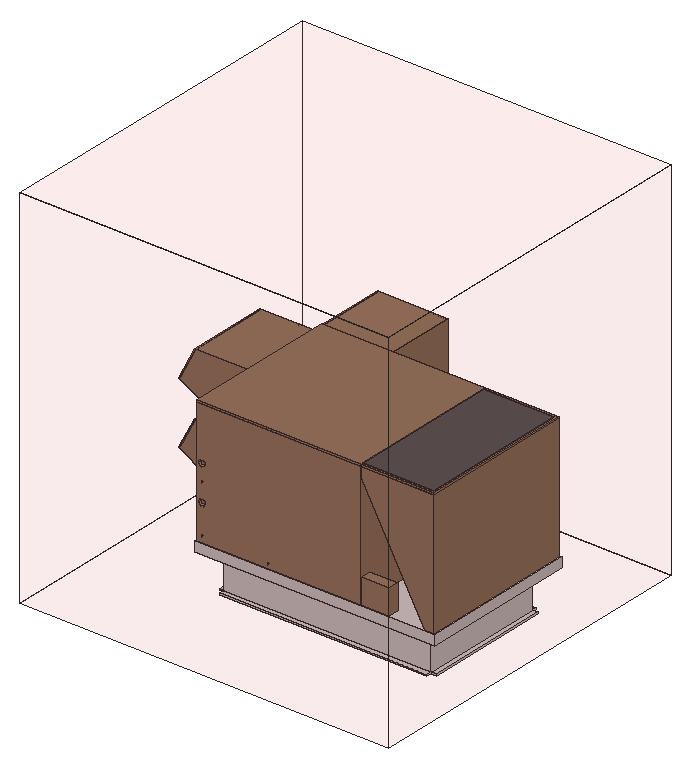
Revit family "Air_Conditioner_Packaged_Rooftop Z(F,H,J,R,S,U,W,K) 8.5-10T Z(J,W) 6.5-7.5T, X(P,A) 6.5-10T", category Mechanical Equipment, Revit 2018
Family settings
  Round Connector Dimension = Use Radius
  Part Type = Normal
  Work Plane-Based = No
  Always vertical = Yes
  Cut with Voids When Loaded = No
  Shared = No
  Room Calculation Point = No
Parameters (values of type "3-10 Ton - Gas Heat")
  Width = 59"
  Voltage = 0 V
  URL = "http://www.johnsoncontrols.com/publish/us/en.html"
  Top Economizer Hood [instance] = yes
  Supply Fan Full Load Current = 0 A
  Supply Air Connection Width [instance] = if(Roof Curb, 21", if(Height = 42", 27 1/2", 28 1/4"))  # 21"
  Supply Air Connection Height [instance] = if(Roof Curb, 24", 18 1/4")  # 24"
  Supply Air Connection Description = "Supply Air Connection"  # constant formula
  Slab Mount [instance] = not(Roof Curb)  # no
  Side Return Air Connection Offset [instance] = if(Height = 42", 12 1/16", 18 1/16")  # 18 1/16"
  Serial Number [instance] = ""
  Seasonal Energy Efficiency Rating = 80  # constant formula
  Roof Curb 8 Inch [instance] = no
  Roof Curb 14 Inch [instance] = yes
  Roof Curb [instance] = yes
  Return Air Wet Bulb Temperature [instance] = 62 °F
  Return Air Dry Bulb Temperature [instance] = 65 °F
  Return Air Connection Width [instance] = if(Roof Curb, 18", 18 1/4")  # 18"
  Return Air Connection Height [instance] = if(Roof Curb, 27 1/2", if(Height = 42", 27 3/4", 28 1/4"))  # 27 1/2"
  Return Air Connection Description = "Return Air Connection"  # constant formula
  Refrigerant Charge System Two = 0.00 lbf
  Refrigerant Charge System One = 0.00 lbf
  Product Page URL = "http://www.johnsoncontrols.com/publish/us/en/products/building_efficiency/integrated_hvac_systems/Industrial___Commercial_HVAC_Equipment/single-package_units/series_10.html"
  Product Documentation Link = ""
  Power Factor = 1  # constant formula
  Power Exhaust Full Load Current = 0 A
  Outside Air Intake Hood [instance] = yes
  Outdoor Ambient Temperature [instance] = 75 °F
  Operating Weight = 0.00 lbf
  OmniClass Title = "Packaged Air Conditioners"  # constant formula
  OmniClass Number = "23.75.10.24.21.27.11"  # constant formula
  OD Fan Motor Full Load Current = 0 A
  Number of Poles = 3
  Nominal Cooling Capacity = 0.0 ton
  Nominal Air Flow = 0 CFM
  Model = "JA3ZHA2"
  Minimum Circuit Current = 0 A
  Minimum Applied Voltage = 0 V
  Maximum Overcurrent Protection = 0 A
  Maximum Applied Voltage = 0 V
  Manufacturer = "Johnson Controls, Inc."  # constant formula
  Length = 89"
  Keynote = "15700"
  Integrated Part Load Value = 0
  Height = 50 1/2"
  Gas Heating Output [instance] = 0 Btu/h
  Gas Heating Input [instance] = 0 Btu/h
  Gas Connection Radius = if(1 = 1, Gas Connection Diameter / 2, 0")  # 3/8"
  Gas Connection Diameter = 3/4"
  Gas Connection Description = "Gas Supply Connection"  # constant formula
  Frequency = 60 Hz  # constant formula
  Frame Material = Metal - JCI - Steel - Galvanized With Wood Nailer
  Frame Finish = Paint - JCI - Powder Coated - Champagne
  Filter Size and Quantity = ""
  Family Revision Date = "06/11/2010"  # constant formula
  External Static Pressure [instance] = 0.00 in-wg
  Evaporator Coil Row Count = 3  # constant formula
  Evaporator Coil Fins per Inch = 15  # constant formula
  Energy Efficiency Rating = 0
  Electrical Connection Description = "Power Wiring Connection"  # constant formula
  Economizer Hood Length = 30 11/32"
  Economizer Hood Height = if(1 = 1, (Height - 4 1/4") / 2, 0")  # 23 1/8"
  Economizer Hood Depth = 26"
  Design Supply Air Flow [instance] = 0 CFM
  Description = "Air Handling Unit, Commercial Comfort Systems, Series 10, Gas, 3-10 Ton Unit"  # constant formula
  Copyright © = "Copyright © 2008 by Johnson Controls, Inc."  # constant formula
  Convenience Outlet Voltage [instance] = if(Convenience Outlet, 120 V, 0 V)  # 120 V
  Convenience Outlet Electrical Connection Description = "Convenience Power Wiring Connection"  # constant formula
  Convenience Outlet [instance] = yes
  Condensate Drain Connection Radius = if(1 = 1, Condensate Drain Connection Diameter / 2, 0")  # 3/8"
  Compressor Maximum Continuous Current = 0 A
  CTRL Supply Connection Offset [instance] = if(Roof Curb, CTRL Supply Air Center Elevation, 18 13/16" - 1/2")  # 17 5/32"
  Curb Width = 50 1/2"
  Curb Type [instance] = Commercial_Comfort_Systems-Series_10-Johnson_Control-Curb : Roof Curb
  Curb Material = Metal - JCI - Steel - Galvanized With Wood Nailer
  Curb Length = 80 5/8"
  Curb Height [instance] = 14"
  Convenience Outlet Full Load Current = 0 A
  Controls Connection Description = "Control Wiring Connection"  # constant formula
  Condenser Fan Type = "Propeller"  # constant formula
  Condenser Fan Quantity = 2  # constant formula
  Condenser Fan Diameter = 24"  # constant formula
  Condenser Coils System Two Rows = 0
  Condenser Coils System One Rows = 0
  Condenser Coil Fins per Inch = 20  # constant formula
  Condensate Drain Connection Diameter = 3/4"
  Condensate Drain Connection Description = "Condensate Drain Connection"  # constant formula
  Compressor Type = "Recip"  # constant formula
  Compressor Running Load Current = 0 A
  Compressor Quantity = 2  # constant formula
  Compressor Locked Rotor Current = 0 A
  Clearance Top = 72"
  Clearance Right = 12"
  Clearance Left = 36"
  Clearance Front = 36"
  Clearance Bottom [instance] = if(Roof Curb, Curb Height, 0")  # 14"
  Clearance Back = 36"
  Clearance [instance] = Include Clearance : Include Clearance
  CTRL Supply Connection Angle [instance] = if(Roof Curb, 90.00°, 0.00°)  # 90.00°
  CTRL Supply Air Center Elevation [instance] = 5 5/32" + (Supply Air Connection Height / 2)  # 17 5/32"
  CTRL Supply Air Center [instance] = if(Roof Curb, 32 11/16" + Supply Air Connection Width / 2, 31 11/16" + Supply Air Connection Width / 2)  # 43 3/16"
  CTRL Return Air Center Elevation [instance] = Side Return Air Connection Offset + (Return Air Connection Height / 2)  # 31 13/16"
  CTRL Elevation [instance] = if(Roof Curb, Curb Height, 0")  # 14"
  CTRL Return Air Center [instance] = if(Roof Curb, 6 13/16" + Return Air Connection Width / 2, 2 31/32" + Return Air Connection Width / 2)  # 15 13/16"
  CTRL Return Connection Offset [instance] = if(Roof Curb, CTRL Return Air Center Elevation, 20 9/16" - 1/2")  # 31 13/16"
  CTRL Connection Angle [instance] = if(Roof Curb, 90.00°, 0.00°)  # 90.00°
  CTRL Bottom Supply Center = 18 13/16"  # constant formula
  CTRL Bottom Return Center = 20 9/16"  # constant formula
  Bottom Economizer Hood [instance] = yes
  Assembly Code = "D3060300"
  Air Temperature On Condenser Coil [instance] = 0 °F
  Air On Evaporator Wet Bulb Temperature [instance] = 0 °F
  Air On Evaporator Flow [instance] = 0 CFM
  Actual Supply Air Flow [instance] = 0 CFM
  Actual Return Air Flow [instance] = 0 CFM
  Actual Heater Gas Flow [instance] = 0 GPM
  Actual Condensate Drain Flow [instance] = 0 GPM
Reference planes (in)
  plane 1 "Center (Front/Back)": y = 0
  plane 2 "Bottom": z = 0
  plane 3 "Center (Left/Right)": x = 0
  plane 4 "Back": y = 29.5
  plane 5 "Front": y = -29.5
  plane 6 "Left": x = -44.5
  plane 7 "Right": x = 44.5
  plane 8 "Top": z = 64.5
  plane 9 "Curb Top": z = 14
  plane 10 "Frame Front": y = -29
  plane 11 "Condenser Back": x = 16.6875
  plane 12 "Frame Left": x = -44
  plane 13 "Frame Back": y = 29
  plane 14 "Base Rail": z = 17.75
  plane 15 "Frame Top": z = 64
  plane 16 "Hood Back": y = 25.25
  plane 17 "Economizer Hood Center": z = 40.875
  plane 18 "Return Air Center": x = -28.6875
  plane 19 "Supply Air Center": x = -1.3125
  plane 20 "Bottom Supply Air Center": y = 10.6875
  plane 21 "Bottom Return Center": y = 8.9375
  plane 22 "Supply Air Center Elevation": z = 31.15625
  plane 23 "Return Air Center Elevation": z = 45.8125
Forms (in)
  Revolve 1, void, detail levels fine
    sketch origin (-28.6875, 0, 0) x (0, -1, 0) y (0, 0, 1)
      loop
        line (-8.9375, 14) -> (-8.6875, 14) -> (-8.6875, 14.25) -> (-8.9375, 14.25) -> (-8.9375, 14)
      axis (-8.9375, 14.25) -> (-8.9375, 14)
    angle from 0 to 360
  Revolve 2, void, detail levels fine
    sketch origin (-1.3125, 0, 0) x (0, -1, 0) y (0, 0, 1)
      loop
        line (-10.6875, 14) -> (-10.4375, 14) -> (-10.4375, 14.25) -> (-10.6875, 14.25) -> (-10.6875, 14)
      axis (-10.6875, 14.25) -> (-10.6875, 14)
    angle from 0 to 360
Dimensions and locks (in)
  equal spacing: plane 5 "Front", plane 1 "Center (Front/Back)", plane 4 "Back"
  "Width": plane 5 "Front" to plane 4 "Back"
  equal spacing: plane 6 "Left", plane 3 "Center (Left/Right)", plane 7 "Right"
  "Length": plane 6 "Left" to plane 7 "Right"
  "CTRL Elevation": plane 9 "Curb Top" to plane 2 "Bottom"
  "Height": plane 8 "Top" to plane 9 "Curb Top"
  locked: plane 5 "Front" to plane 10 "Frame Front" at 0.5
  locked: connector elem to plane 6 "Left" at 27
  locked: plane 9 "Curb Top" to connector elem at 5.375
  locked: connector elem to plane 6 "Left" at 2.5  (x3)
  locked: plane 9 "Curb Top" to connector elem at 17.1875
  locked: plane 9 "Curb Top" to connector elem at 24.1875
  locked: plane 11 "Condenser Back" to plane 7 "Right" at 27.8125
  locked: connector elem to plane 5 "Front" at 5.75
  locked: plane 9 "Curb Top" to connector elem at 21.5625
  locked: plane 6 "Left" to plane 12 "Frame Left" at 0.5
  locked: plane 4 "Back" to plane 13 "Frame Back" at 0.5
  locked: plane 14 "Base Rail" to plane 9 "Curb Top" at 3.75
  locked: plane 4 "Back" to plane 16 "Hood Back" at 4.25
  "Economizer Hood Height": plane 17 "Economizer Hood Center" to plane 14 "Base Rail"
  "Economizer Hood Height": plane 15 "Frame Top" to plane 17 "Economizer Hood Center"
  "CTRL Return Air Center": plane 6 "Left" to plane 18 "Return Air Center"
  "CTRL Supply Air Center": plane 6 "Left" to plane 19 "Supply Air Center"
  locked: plane 4 "Back" to plane 20 "Bottom Supply Air Center" at 18.8125
  locked: plane 4 "Back" to plane 21 "Bottom Return Center" at 20.5625
  "CTRL Supply Air Center Elevation": plane 9 "Curb Top" to plane 22 "Supply Air Center Elevation"
  "CTRL Return Air Center Elevation": plane 9 "Curb Top" to plane 23 "Return Air Center Elevation"
  "CTRL Return Connection Offset": Revolve 1 sketch curve to Revolve 1 sketch curve
  locked: Revolve 1 sketch curve to Revolve 1 sketch curve at 0.25  (x2)
  "CTRL Supply Connection Offset": Revolve 2 sketch curve to Revolve 2 sketch curve
  locked: Revolve 2 sketch curve to Revolve 2 sketch curve at 0.25  (x2)
  locked: plane 9 "Curb Top" to connector elem at 6.1875
  "CTRL Connection Angle": angle plane 23 "Return Air Center Elevation" to Revolve 1 sketch curve
  locked: Revolve 1 sketch curve to Revolve 1 sketch curve (angle 90.00°)  (x3)
  "CTRL Supply Connection Angle": angle plane 22 "Supply Air Center Elevation" to Revolve 2 sketch curve
  locked: Revolve 2 sketch curve to Revolve 2 sketch curve (angle 90.00°)  (x3)
  aligned and locked: plane 1 "Center (Front/Back)" to nested 1
  aligned and locked: nested 1 to plane 9 "Curb Top"
  aligned and locked: plane 1 "Center (Front/Back)" to nested 2
  aligned and locked: plane 3 "Center (Left/Right)" to nested 2
  aligned and locked: nested 3 to plane 13 "Frame Back"
  aligned and locked: nested 3 to plane 12 "Frame Left"
  aligned and locked: plane 15 "Frame Top" to nested 3
  aligned and locked: plane 16 "Hood Back" to nested 4
  aligned and locked: nested 4 to plane 12 "Frame Left"
  aligned and locked: nested 4 to plane 14 "Base Rail"
  aligned and locked: plane 16 "Hood Back" to nested 5
  aligned and locked: nested 5 to plane 12 "Frame Left"
  aligned and locked: nested 5 to plane 17 "Economizer Hood Center"
  aligned and locked: nested 6 to plane 1 "Center (Front/Back)"
  aligned and locked: nested 6 to plane 3 "Center (Left/Right)"
  aligned and locked: nested 6 to plane 9 "Curb Top"
  aligned and locked: plane 2 "Bottom" to nested 2
  aligned and locked: nested 1 to plane 6 "Left"
  aligned and locked: plane 21 "Bottom Return Center" to Revolve 1 sketch curve
  aligned and locked: plane 23 "Return Air Center Elevation" to Revolve 1 sketch curve
  aligned and locked: Revolve 1 sketch curve to Revolve 1 sketch curve  (x2)
  aligned and locked: plane 20 "Bottom Supply Air Center" to Revolve 2 sketch curve
  aligned and locked: plane 22 "Supply Air Center Elevation" to Revolve 2 sketch curve
  aligned and locked: Revolve 2 sketch curve to Revolve 2 sketch curve  (x2)
Nested families (in)
  nested 1: "Commercial_Comfort_Systems-Series_10-Johnson_Control-One_Condenser" at (0, 0, 14), type "One Condenser"
    with Side Return Air Offset 18 1/16", Height 50 1/2"
  nested 2: "Commercial_Comfort_Systems-Series_10-Johnson_Control-Curb" at (0, 0, 0), type <- "Curb Type", visible <- "Roof Curb", type "Roof Curb"
    with Supply Air Width 22"
  nested 3: "Commercial_Comfort_Systems-Series_10-Johnson_Control-Outdoor_Air_Hood" at (-31, 41.875, 28.25) x (-1, 0, 0) z (0, 0, 1), visible <- "Outside Air Intake Hood", type "Outdoor Air Intake Hood"
  nested 4: "Commercial_Comfort_Systems-Series_10-Johnson_Control-Hood" at (-57, 10.07813, 17.75) x (0, -1, 0) z (0, 0, 1), Hood <- "Bottom Economizer Hood", type "Hood"
    with Open Hole yes, No Hood no, Hood yes, Length 30 11/32", Height 23 1/8"
  nested 5: "Commercial_Comfort_Systems-Series_10-Johnson_Control-Hood" at (-57, 10.07813, 40.875) x (0, -1, 0) z (0, 0, 1), Hood <- "Top Economizer Hood", type "Hood"
    with Open Hole yes, No Hood no, Hood yes, Length 30 11/32", Height 23 1/8"
  nested 6: "Include Clearance" at (0, 0, 14), type <- "Clearance", type "Include Clearance"
    with Width 89", Height 50 1/2", Depth 59", Clearance Top 72", Clearance Right 12", Clearance Left 36", Clearance Front 36", Clearance Bottom 14", Clearance Back 36"
Connectors (in)
  piping at (-17.5, -29, 19.375), diameter 0.75, driven by "Actual Condensate Drain Flow", driven by "Condensate Drain Connection Radius", driven by "Condensate Drain Connection Description"
    settings: index 3, connector inside diameter 3/4", connector length 0", flow factor 0, pipe flow 0 GPM, pressure drop 0.00 psi, fitting loss kfactor 0, connector angle 0.00°, fixture units 0, engagement length 0", angle of deflection 0.00°, flow configuration 1, flow direction 2, fitting loss method 0, system type 16, joint type 0, gender type 0, connector reference index -1, connector utility 0, adjustable connector yes, is connector primary yes, connector description "Condensate Drain Connection"
  electrical at (-42, -29, 31.1875), driven by "Power Factor", driven by "Voltage", driven by "Number of Poles", driven by "Electrical Connection Description"
    settings: index 4, voltage 0 V, apparent load 0 VA, apparent load phase1 0 VA, apparent load phase2 0 VA, apparent load phase3 0 VA, power factor 1, load classification "HVAC", number of poles 3, system type 30, power factor state 1, is connector primary yes, connector utility no, sub classification motor no, connector description "Power Wiring Connection"
  electrical at (-42, -29, 38.1875), driven by "Controls Connection Description"
    settings: index 5, voltage 0 V, apparent load 0 VA, apparent load phase1 0 VA, apparent load phase2 0 VA, apparent load phase3 0 VA, power factor 1, load classification "Other", number of poles 1, system type 13, power factor state 1, is connector primary no, connector utility no, sub classification motor no, connector description "Control Wiring Connection"
  piping at (16.6875, -23.75, 35.5625), diameter 0.75, driven by "Actual Heater Gas Flow", driven by "Gas Connection Radius", driven by "Gas Connection Description"
    settings: index 6, connector inside diameter 3/4", connector length 0", flow factor 0, pipe flow 0 GPM, pressure drop 0.00 psi, fitting loss kfactor 0, connector angle 0.00°, fixture units 0, engagement length 0", angle of deflection 0.00°, flow configuration 1, flow direction 1, fitting loss method 0, system type 22, joint type 0, gender type 0, connector reference index -1, connector utility 0, adjustable connector no, is connector primary no, connector description "Gas Supply Connection"
  hvac at (-28.6875, 8.9375, 14), driven by "Return Air Connection Height", driven by "Return Air Connection Width", driven by "Actual Return Air Flow", driven by "Return Air Connection Description"
    settings: on Revolve 1, index 8, duct flow 0 CFM, flow factor 0, pres drop 0.00 in-wg, loss coef 0, conn angle 0.00°, conn width 18", conn height 27 1/2", conn diameter 24", duct sys type 2, conn prof type 1, flow config 0, flow direction 1, loss method 0, conn ref index -1, conn util no, is conn primary no, conn desc "Return Air Connection"
  hvac at (-1.3125, 10.6875, 14), driven by "Supply Air Connection Width", driven by "Supply Air Connection Height", driven by "Actual Supply Air Flow", driven by "Supply Air Connection Description"
    settings: on Revolve 2, index 9, duct flow 0 CFM, flow factor 0, pres drop 0.00 in-wg, loss coef 0, conn angle 0.00°, conn width 21", conn height 24", conn diameter 24", duct sys type 1, conn prof type 1, flow config 0, flow direction 1, loss method 0, conn ref index -1, conn util no, is conn primary yes, conn desc "Supply Air Connection"
  electrical at (-42, -29, 20.1875), driven by "Power Factor", driven by "Convenience Outlet Voltage", driven by "Convenience Outlet Electrical Connection Description"
    settings: index 10, voltage 120 V, apparent load 0 VA, apparent load phase1 0 VA, apparent load phase2 0 VA, apparent load phase3 0 VA, power factor 1, load classification "Power", number of poles 1, system type 30, power factor state 0, is connector primary no, connector utility no, sub classification motor no, connector description "Convenience Power Wiring Connection"
  hvac at (0.9375, 29, 28.28125)
    settings: on nested 1, index 11, duct flow 0 CFM, flow factor 0, pres drop 0.00 in-wg, loss coef 0, conn angle 0.00°, conn width 28 1/4", conn height 18 1/4", conn diameter 24", duct sys type 1, conn prof type 1, flow config 0, flow direction 0, loss method 0, conn ref index -1, conn util no, is conn primary no, conn desc ""
  hvac at (0.9375, 29, 28.28125)
    settings: on nested 1, index 14, duct flow 0 CFM, flow factor 0, pres drop 0.00 in-wg, loss coef 0, conn angle 0.00°, conn width 28 1/4", conn height 18 1/4", conn diameter 24", duct sys type 1, conn prof type 1, flow config 0, flow direction 0, loss method 0, conn ref index -1, conn util no, is conn primary no, conn desc ""
  hvac at (-31, 41.875, 42.125)
    settings: on nested 3, index 16, duct flow 0 CFM, flow factor 0, pres drop 0.00 in-wg, loss coef 0, conn angle 0.00°, conn width 18 1/4", conn height 28 1/4", conn diameter 24", duct sys type 1, conn prof type 1, flow config 0, flow direction 0, loss method 0, conn ref index -1, conn util no, is conn primary no, conn desc ""
Definition of nested family "Commercial_Comfort_Systems-Series_10-Johnson_Control-One_Condenser"
  Parameters
    Width = 59"
    Side Supply Air Width = 27 1/2"
    Side Supply Air Height = 18 1/4"
    Side Supply Air = no
    Side Return Air Width = 18 1/4"
    Side Return Air Offset = 12 1/16"
    Side Return Air Height = 27 3/4"
    Side Return Air = no
    Paint Finish = none
    No Cap Side Return = yes
    Length = 89"
    Height = 42"
    Frame Material = none
    Condenser Material = none
    Cap Side Return = not(No Cap Side Return)  # no
    Bottom Supply Air Width = 21"
    Bottom Supply Air Height = 24"
    Bottom Supply Air = not(Side Supply Air)  # yes
    Bottom Return Air Width = 18"
    Bottom Return Air Height = 27 1/2"
    Bottom Return Air = not(Side Return Air)  # yes
    Assembly Code = ""
  Reference planes (in)
    plane 1 "Center (Front/Back)": y = 0
    plane 2 "Bottom": z = 0
    plane 3 "Center (Left/Right)": x = 0
    plane 4 "Back": y = 29.5
    plane 5 "Front": y = -29.5
    plane 6 "Left": x = -44.5
    plane 7 "Right": x = 44.5
    plane 8 "Top": z = 42
    plane 9 "Base Rail Top": z = 3.75
    plane 10 "Box Back": y = 29
    plane 11 "Box Left": x = -44
    plane 12 "Box Right": x = 44
    plane 13 "Box Front": y = -29
    plane 14 "Return Air Left": x = -37.6875
    plane 15 "Return Air Right": x = -19.6875
    plane 16 "Supply Air Left": x = -11.8125
    plane 17 "Supply Air Right": x = 9.1875
    plane 18 "Air Back": y = 22.6875
    plane 19 "Bottom Return Air Front": y = -4.8125
    plane 20 "Bottom Supply Air Front": y = -1.3125
    plane 21 "Frame Front": y = -28
    plane 22 "Frame Back": y = 28
    plane 23 "Frame Left": x = -43
    plane 24 "Frame Right": x = 43
    plane 25 "Supply Air Bottom": z = 5.15625
    plane 26 "Supply Air Top": z = 23.40625
    plane 27 "Back Supply Air Left": x = -12.8125
    plane 28 "Back Supply Air Right": x = 14.6875
    plane 29 "Return Air Bottom": z = 12.0625
    plane 30 "Return Air Top": z = 39.8125
    plane 31 "Back Return Air Left": x = -41.53125
    plane 32 "Back Return Air Right": x = -23.28125
    plane 33 "Condenser Left": x = 16.6875
    plane 34 "Angle Inset": x = 40.5
    plane 35 "Angle Top Inset": z = 38
    plane 36 "Right Inside Frame": x = 16.1875
    plane 37 "Frame Top": z = 41.5
    plane 38 "Big Opening Back": y = 25.25
    plane 39 "Big Opening Front": y = -5.09375
    plane 40 "Little Box Back": y = -25
    plane 41 "Little Box Right": x = 27.1875
    plane 42 "Little Box Top": z = 13
  Forms (in)
    Extrusion 1, solid, material <- "Frame Material", detail levels medium+fine
      sketch origin (0, 0, 0) x (1, 0, 0) y (0, 1, 0)
        loop
          line (-44.5, 29.5) -> (-44.5, -29.5) -> (44.5, -29.5) -> (44.5, 29.5) -> (-44.5, 29.5)
        loop
          line (-37.6875, 22.6875) -> (-37.6875, -4.8125) -> (-19.6875, -4.8125) -> (-19.6875, 22.6875) -> (-37.6875, 22.6875)
        loop
          line (-11.8125, 22.6875) -> (-11.8125, -1.3125) -> (9.1875, -1.3125) -> (9.1875, 22.6875) -> (-11.8125, 22.6875)
      from 0 to 3.75
    Extrusion 2, solid, material <- "Paint Finish", detail levels medium+fine
      sketch origin (0, 0, 0) x (1, 0, 0) y (0, 0, 1)
        loop
          line (-44, 41.5) -> (-44, 3.75) -> (16.6875, 3.75) -> (16.6875, 41.5) -> (-44, 41.5)
        loop
          line (-12.8125, 23.40625) -> (-12.8125, 5.15625) -> (14.6875, 5.15625) -> (14.6875, 23.40625) -> (-12.8125, 23.40625)
        loop
          line (-23.28125, 39.8125) -> (-41.53125, 39.8125) -> (-41.53125, 12.0625) -> (-23.28125, 12.0625) -> (-23.28125, 39.8125)
      from -29 to -28
    Extrusion 3, solid, material <- "Paint Finish", detail levels medium+fine
      sketch origin (0, 0, 0) x (1, 0, 0) y (0, 0, 1)
        loop
          line (16.6875, 41.5) -> (16.6875, 38) -> (40.5, 3.75) -> (44, 3.75) -> (44, 41.5) -> (16.6875, 41.5)
      from -29 to 29
    Extrusion 4, solid, material <- "Paint Finish", detail levels medium+fine
      sketch origin (0, 0, 0) x (1, 0, 0) y (0, 0, 1)
        loop
          line (-44, 41.5) -> (-44, 3.75) -> (16.6875, 3.75) -> (16.6875, 41.5) -> (-44, 41.5)
        loop
          circle (-42, 30.1875) r 1.25
        loop
          circle (-42, 17.1875) r 1.25
        loop
          circle (-42, 24.1875) r 0.4375
        loop
          circle (-42, 6.1875) r 0.4375
        loop
          circle (-17.5, 5.375) r 0.375
      from 28 to 29
    Extrusion 5, solid, material <- "Paint Finish", detail levels medium+fine
      sketch origin (0, 0, 0) x (0, 1, 0) y (0, 0, 1)
        loop
          line (28, 41.5) -> (25.25, 41.5) -> (25.25, 3.75) -> (28, 3.75) -> (28, 41.5)
        loop
          line (-5.09375, 41.5) -> (-28, 41.5) -> (-28, 3.75) -> (-5.09375, 3.75) -> (-5.09375, 41.5)
      from -44 to -43
    Extrusion 6, solid, material <- "Paint Finish", detail levels medium+fine
      sketch origin (0, 0, 0) x (1, 0, 0) y (0, 1, 0)
        loop
          line (-44, 29) -> (-44, -29) -> (44, -29) -> (44, 29) -> (-44, 29)
        loop
          line (16.6875, 28) -> (16.6875, -28) -> (43, -28) -> (43, 28) -> (16.6875, 28)
      from 41.5 to 42
    Extrusion 7, solid, material <- "Condenser Material", detail levels medium+fine
      sketch origin (0, 0, 0) x (1, 0, 0) y (0, 1, 0)
        loop
          line (16.6875, 28) -> (16.6875, -28) -> (43, -28) -> (43, 28) -> (16.6875, 28)
      from 41.5 to 42
    Extrusion 8, solid, material <- "Paint Finish", detail levels fine
      sketch origin (0, 0, 0) x (1, 0, 0) y (0, 0, 1)
        loop
          line (16.6875, 13) -> (16.6875, 3.75) -> (27.1875, 3.75) -> (27.1875, 13) -> (16.6875, 13)
      from 25 to 29
    Extrusion 9, solid, material <- "Paint Finish", visible <- "Cap Side Return", detail levels medium+fine
      sketch origin (0, 0, 0) x (1, 0, 0) y (0, 0, 1)
        loop
          line (-41.53125, 39.8125) -> (-41.53125, 12.0625) -> (-23.28125, 12.0625) -> (-23.28125, 39.8125) -> (-41.53125, 39.8125)
      from -29 to -28
    Extrusion 10, solid, material <- "Paint Finish", visible <- "Bottom Supply Air", detail levels medium+fine
      sketch origin (0, 0, 0) x (1, 0, 0) y (0, 0, 1)
        loop
          line (-12.8125, 23.40625) -> (-12.8125, 5.15625) -> (14.6875, 5.15625) -> (14.6875, 23.40625) -> (-12.8125, 23.40625)
      from -29 to -28
    Extrusion 11, solid, material <- "Paint Finish", detail levels medium+fine
      sketch origin (0, 0, 0) x (0, 1, 0) y (0, 0, 1)
        loop
          line (-28, 41.5) -> (-28, 3.75) -> (28, 3.75) -> (28, 41.5) -> (-28, 41.5)
        loop
          circle (-23.75, 21.5625) r 0.375
      from 16.1875 to 16.6875
  Cuts and joins
    joined: Extrusion 2, Extrusion 4, Extrusion 5, Extrusion 11
  Lines and regions (in)
    Masking region 1
      outline origin (0, 0, 0) x (1, 0, 0) y (0, 1, 0)
        loop
          line (-44.5, 29.5) -> (-44.5, -29.5) -> (44.5, -29.5) -> (44.5, 29.5) -> (-44.5, 29.5)
    Masking region 2, detail levels fine
      outline origin (0, 0, 0) x (1, 0, 0) y (0, 1, 0)
        loop
          line (-44, 29) -> (-44, -29) -> (44, -29) -> (44, 29) -> (-44, 29)
    Masking region 3, detail levels fine
      outline origin (0, 0, 0) x (1, 0, 0) y (0, 1, 0)
        loop
          line (16.6875, 28) -> (16.6875, -28) -> (43, -28) -> (43, 28) -> (16.6875, 28)
    Masking region 4
      outline origin (0, 0, 0) x (1, 0, 0) y (0, 0, 1)
        loop
          line (-44, 42) -> (-44, 3.75) -> (-44.5, 3.75) -> (-44.5, 0) -> (44.5, 0) -> (44.5, 3.75) -> (44, 3.75) -> (44, 42) -> (-44, 42)
        loop
          line (16.6875, 38) -> (16.6875, 3.75) -> (40.5, 3.75) -> (16.6875, 38)
    Masking region 5, detail levels fine
      outline origin (0, 0, 0) x (1, 0, 0) y (0, 0, 1)
        loop
          line (16.6875, 13) -> (16.6875, 3.75) -> (27.1875, 3.75) -> (27.1875, 13) -> (16.6875, 13)
    Masking region 6, visible <- "Side Return Air"
      outline origin (0, 29.5, 0) x (-1, 0, 0) y (0, 0, 1)
        loop
          line (41.53125, 39.8125) -> (23.28125, 39.8125) -> (23.28125, 12.0625) -> (41.53125, 12.0625) -> (41.53125, 39.8125)
    Masking region 7
      outline origin (0, 0, 0) x (0, 1, 0) y (0, 0, 1)
        loop
          line (-29, 42) -> (-29, 3.75) -> (-29.5, 3.75) -> (-29.5, 0) -> (29.5, 0) -> (29.5, 3.75) -> (29, 3.75) -> (29, 42) -> (-29, 42)
    Masking region 8, visible <- "Side Supply Air"
      outline origin (0, 29.5, 0) x (-1, 0, 0) y (0, 0, 1)
        loop
          line (12.8125, 23.40625) -> (-14.6875, 23.40625) -> (-14.6875, 5.15625) -> (12.8125, 5.15625) -> (12.8125, 23.40625)
    Masking region 9
      outline origin (0, -29.5, 0) x (-1, 0, 0) y (0, 0, 1)
        loop
          circle (42, 6.1875) r 0.4375
        loop
          circle (42, 17.1875) r 1.25
        loop
          circle (42, 24.1875) r 0.4375
        loop
          circle (42, 30.1875) r 1.25
        loop
          circle (17.5, 5.375) r 0.375
    symbolic lines, detail levels medium+fine
      curve 1: line (-44, 0, 3.75) -> (44, 0, 3.75)
      curve 3: line (0, -29, 3.75) -> (0, 29, 3.75)
      curve 53: line (-44.5, 0, 41.5) -> (44.5, 0, 41.5)
    symbolic lines, detail levels fine
      curve 2: line (16.6875, 0, 38) -> (16.6875, 0, 41.5)
      curve 4: line (-44.5, -5.09375, 3.75) -> (-44.5, -5.09375, 41.5)
      curve 5: line (-44.5, 25.25, 3.75) -> (-44.5, 25.25, 41.5)
      curve 6: line (0, -29, 41.5) -> (0, 29, 41.5)
    model lines, detail levels coarse
      curve 7: line (-44, 29, 42) -> (44, 29, 42)
      curve 8: line (-44, -29, 42) -> (-44, 29, 42)
      curve 9: line (44, -29, 42) -> (-44, -29, 42)
      curve 10: line (44, 29, 42) -> (44, -29, 42)
      curve 11: line (-44, 29, 3.75) -> (44, 29, 3.75)
      curve 12: line (-44, -29, 3.75) -> (-44, 29, 3.75)
      curve 13: line (44, -29, 3.75) -> (-44, -29, 3.75)
      curve 14: line (44, 29, 3.75) -> (44, -29, 3.75)
      curve 15: line (-44.5, 29.5, 3.75) -> (44.5, 29.5, 3.75)
      curve 16: line (-44.5, -29.5, 3.75) -> (-44.5, 29.5, 3.75)
      curve 17: line (44.5, -29.5, 3.75) -> (-44.5, -29.5, 3.75)
      curve 18: line (44.5, 29.5, 3.75) -> (44.5, -29.5, 3.75)
      curve 19: line (-44.5, 29.5, 0) -> (44.5, 29.5, 0)
      curve 20: line (-44.5, -29.5, 0) -> (-44.5, 29.5, 0)
      curve 21: line (44.5, -29.5, 0) -> (-44.5, -29.5, 0)
      curve 22: line (44.5, 29.5, 0) -> (44.5, -29.5, 0)
      curve 23: line (-44.5, -29.5, 0) -> (-44.5, -29.5, 3.75)
      curve 24: line (44.5, -29.5, 0) -> (44.5, -29.5, 3.75)
      curve 25: line (44.5, 29.5, 0) -> (44.5, 29.5, 3.75)
      curve 26: line (-44.5, 29.5, 0) -> (-44.5, 29.5, 3.75)
      curve 27: line (-44, -29, 3.75) -> (-44, -29, 42)
      curve 28: line (44, -29, 3.75) -> (44, -29, 42)
      curve 29: line (-44, 29, 3.75) -> (-44, 29, 42)
      curve 30: line (44, 29, 3.75) -> (44, 29, 42)
      curve 39: circle (-17.5, -29, 5.375) r 0.375 normal (0, -1, 0)
      curve 40: circle (-42, -29, 6.1875) r 0.4375 normal (0, -1, 0)
      curve 41: circle (-42, -29, 17.1875) r 1.25 normal (0, -1, 0)
      curve 42: circle (-42, -29, 24.1875) r 0.4375 normal (0, -1, 0)
      curve 43: circle (-42, -29, 30.1875) r 1.25 normal (0, -1, 0)
    model lines, visible <- "Side Return Air"
      curve 31: line (-41.53125, 29, 39.8125) -> (-23.28125, 29, 39.8125)
      curve 32: line (-41.53125, 29, 12.0625) -> (-41.53125, 29, 39.8125)
      curve 33: line (-23.28125, 29, 12.0625) -> (-41.53125, 29, 12.0625)
      curve 34: line (-23.28125, 29, 39.8125) -> (-23.28125, 29, 12.0625)
    model lines, visible <- "Side Supply Air"
      curve 35: line (-12.8125, 29, 23.40625) -> (14.6875, 29, 23.40625)
      curve 36: line (-12.8125, 29, 5.15625) -> (-12.8125, 29, 23.40625)
      curve 37: line (14.6875, 29, 5.15625) -> (-12.8125, 29, 5.15625)
      curve 38: line (14.6875, 29, 23.40625) -> (14.6875, 29, 5.15625)
    model lines
      curve 44: circle (16.6875, -23.75, 21.5625) r 0.375 normal (1, 0, 0)
    model lines, visible <- "Bottom Return Air", detail levels coarse
      curve 45: line (-37.6875, 22.6875, 0) -> (-19.6875, 22.6875, 0)
      curve 46: line (-37.6875, -4.8125, 0) -> (-37.6875, 22.6875, 0)
      curve 47: line (-19.6875, -4.8125, 0) -> (-37.6875, -4.8125, 0)
      curve 48: line (-19.6875, 22.6875, 0) -> (-19.6875, -4.8125, 0)
    model lines, visible <- "Bottom Supply Air", detail levels coarse
      curve 49: line (-11.8125, 22.6875, 0) -> (9.1875, 22.6875, 0)
      curve 50: line (-11.8125, -1.3125, 0) -> (-11.8125, 22.6875, 0)
      curve 51: line (9.1875, -1.3125, 0) -> (-11.8125, -1.3125, 0)
      curve 52: line (9.1875, 22.6875, 0) -> (9.1875, -1.3125, 0)
  Dimensions and locks (in)
    equal spacing: plane 5 "Front", plane 1 "Center (Front/Back)", plane 4 "Back"
    "Width": plane 5 "Front" to plane 4 "Back"
    equal spacing: plane 6 "Left", plane 3 "Center (Left/Right)", plane 7 "Right"
    "Length": plane 6 "Left" to plane 7 "Right"
    "Height": plane 8 "Top" to plane 2 "Bottom"
    locked: plane 9 "Base Rail Top" to plane 2 "Bottom" at 3.75
    locked: plane 6 "Left" to plane 14 "Return Air Left" at 6.8125
    "Bottom Return Air Width": plane 14 "Return Air Left" to plane 15 "Return Air Right"
    "Bottom Supply Air Width": plane 16 "Supply Air Left" to plane 17 "Supply Air Right"
    locked: plane 4 "Back" to plane 18 "Air Back" at 6.8125
    "Bottom Supply Air Height": plane 18 "Air Back" to plane 20 "Bottom Supply Air Front"
    locked: plane 5 "Front" to plane 13 "Box Front" at 0.5
    locked: plane 13 "Box Front" to plane 21 "Frame Front" at 1
    locked: plane 4 "Back" to plane 10 "Box Back" at 0.5
    locked: plane 10 "Box Back" to plane 22 "Frame Back" at 1
    locked: plane 6 "Left" to plane 11 "Box Left" at 0.5
    locked: plane 11 "Box Left" to plane 23 "Frame Left" at 1
    locked: plane 12 "Box Right" to plane 7 "Right" at 0.5
    locked: plane 24 "Frame Right" to plane 12 "Box Right" at 1
    locked: plane 25 "Supply Air Bottom" to plane 2 "Bottom" at 5.15625
    "Side Supply Air Width": plane 28 "Back Supply Air Right" to plane 27 "Back Supply Air Left"
    "Side Supply Air Height": plane 26 "Supply Air Top" to plane 25 "Supply Air Bottom"
    "Side Return Air Offset": plane 29 "Return Air Bottom" to plane 2 "Bottom"
    "Side Return Air Height": plane 30 "Return Air Top" to plane 29 "Return Air Bottom"
    locked: plane 27 "Back Supply Air Left" to plane 6 "Left" at 31.6875
    locked: plane 31 "Back Return Air Left" to plane 6 "Left" at 2.96875
    "Side Return Air Width": plane 32 "Back Return Air Right" to plane 31 "Back Return Air Left"
    locked: plane 33 "Condenser Left" to plane 7 "Right" at 27.8125
    locked: plane 34 "Angle Inset" to plane 7 "Right" at 4
    locked: plane 8 "Top" to plane 35 "Angle Top Inset" at 4
    locked: plane 36 "Right Inside Frame" to plane 33 "Condenser Left" at 0.5
    locked: plane 8 "Top" to plane 37 "Frame Top" at 0.5
    locked: plane 4 "Back" to plane 38 "Big Opening Back" at 4.25
    locked: plane 38 "Big Opening Back" to plane 39 "Big Opening Front" at 30.34375
    locked: plane 5 "Front" to plane 40 "Little Box Back" at 4.5
    locked: plane 41 "Little Box Right" to plane 33 "Condenser Left" at 10.5
    locked: plane 42 "Little Box Top" to plane 2 "Bottom" at 13
    locked: Extrusion 4 sketch curve to plane 2 "Bottom" at 5.75
    locked: Extrusion 4 sketch curve to plane 2 "Bottom" at 15.9375
    locked: Extrusion 4 sketch curve to plane 2 "Bottom" at 23.75
    locked: Extrusion 4 sketch curve to plane 2 "Bottom" at 28.9375
    locked: Extrusion 4 sketch curve to plane 6 "Left" at 1.25  (x2)
    locked: Extrusion 4 sketch curve to plane 6 "Left" at 2.0625  (x2)
    locked: Extrusion 11 sketch curve to plane 9 "Base Rail Top" at 17.4375
    plane 13 "Box Front" to Extrusion 11 sketch curve = 4 7/8"
    locked: Extrusion 4 sketch curve to plane 2 "Bottom" at 5
    locked: Extrusion 4 sketch curve to plane 6 "Left" at 26.625
    locked: Masking region 9 sketch curve to plane 2 "Bottom" at 5.75
    locked: Masking region 9 sketch curve to plane 2 "Bottom" at 15.9375
    locked: Masking region 9 sketch curve to plane 2 "Bottom" at 23.75
    locked: Masking region 9 sketch curve to plane 2 "Bottom" at 28.9375
    locked: Masking region 9 sketch curve to plane 2 "Bottom" at 5
    locked: Masking region 9 sketch curve to plane 6 "Left" at 26.625
    locked: Masking region 9 sketch curve to plane 6 "Left" at 2.0625  (x2)
    locked: Masking region 9 sketch curve to plane 6 "Left" at 1.25  (x2)
    locked: curve 40 to plane 2 "Bottom" at 5.75
    locked: curve 41 to plane 2 "Bottom" at 15.9375
    locked: curve 42 to plane 2 "Bottom" at 23.75
    locked: curve 43 to plane 2 "Bottom" at 28.9375
    locked: curve 39 to plane 6 "Left" at 26.625
    locked: curve 39 to plane 2 "Bottom" at 5
    locked: curve 40 to plane 6 "Left" at 2.0625
    locked: curve 41 to plane 6 "Left" at 1.25
    locked: curve 42 to plane 6 "Left" at 2.0625
    locked: curve 43 to plane 6 "Left" at 1.25
    locked: curve 44 to plane 2 "Bottom" at 21.1875
    locked: plane 13 "Box Front" to curve 44 at 4.875
    "Bottom Return Air Height": plane 18 "Air Back" to plane 19 "Bottom Return Air Front"
    locked: plane 6 "Left" to plane 16 "Supply Air Left" at 32.6875
    aligned and locked: plane 6 "Left" to Extrusion 1 sketch curve
    aligned and locked: Extrusion 1 sketch curve to plane 4 "Back"
    aligned and locked: plane 5 "Front" to Extrusion 1 sketch curve
    aligned and locked: plane 7 "Right" to Extrusion 1 sketch curve
    aligned and locked: Extrusion 1 to plane 2 "Bottom"
    aligned and locked: plane 9 "Base Rail Top" to Extrusion 1
    aligned and locked: plane 14 "Return Air Left" to Extrusion 1 sketch curve
    aligned and locked: plane 19 "Bottom Return Air Front" to Extrusion 1 sketch curve
    aligned and locked: Extrusion 1 sketch curve to plane 15 "Return Air Right"
    aligned and locked: Extrusion 1 sketch curve to plane 18 "Air Back"  (x2)
    aligned and locked: plane 16 "Supply Air Left" to Extrusion 1 sketch curve
    aligned and locked: plane 20 "Bottom Supply Air Front" to Extrusion 1 sketch curve
    aligned and locked: Extrusion 1 sketch curve to plane 17 "Supply Air Right"
    aligned and locked: plane 9 "Base Rail Top" to Extrusion 2 sketch curve
    aligned and locked: plane 11 "Box Left" to Extrusion 2 sketch curve
    aligned and locked: plane 29 "Return Air Bottom" to Extrusion 2 sketch curve
    aligned and locked: plane 31 "Back Return Air Left" to Extrusion 2 sketch curve
    aligned and locked: Extrusion 2 sketch curve to plane 32 "Back Return Air Right"
    aligned and locked: Extrusion 2 sketch curve to plane 30 "Return Air Top"
    aligned and locked: plane 10 "Box Back" to Extrusion 2
    aligned and locked: Extrusion 2 to plane 22 "Frame Back"
    aligned and locked: Extrusion 2 sketch curve to plane 33 "Condenser Left"
    aligned and locked: Extrusion 3 sketch curve to plane 33 "Condenser Left"
    aligned and locked: Extrusion 3 sketch curve to plane 12 "Box Right"
    aligned and locked: plane 34 "Angle Inset" to Extrusion 3 sketch curve
    aligned and locked: plane 9 "Base Rail Top" to Extrusion 3 sketch curve
    aligned and locked: plane 35 "Angle Top Inset" to Extrusion 3 sketch curve
    aligned and locked: plane 33 "Condenser Left" to Extrusion 3 sketch curve
    aligned and locked: plane 10 "Box Back" to Extrusion 3
    aligned and locked: plane 13 "Box Front" to Extrusion 3
    aligned and locked: Extrusion 2 sketch curve to plane 37 "Frame Top"
    aligned and locked: plane 9 "Base Rail Top" to Extrusion 4 sketch curve
    aligned and locked: Extrusion 4 sketch curve to plane 37 "Frame Top"
    aligned and locked: Extrusion 4 sketch curve to plane 33 "Condenser Left"
    aligned and locked: plane 11 "Box Left" to Extrusion 4 sketch curve
    aligned and locked: plane 13 "Box Front" to Extrusion 4
    aligned and locked: Extrusion 4 to plane 21 "Frame Front"
    aligned and locked: Extrusion 5 sketch curve to plane 37 "Frame Top"  (x2)
    aligned and locked: plane 9 "Base Rail Top" to Extrusion 5 sketch curve  (x2)
    aligned and locked: plane 38 "Big Opening Back" to Extrusion 5 sketch curve
    aligned and locked: Extrusion 5 sketch curve to plane 39 "Big Opening Front"
    aligned and locked: Extrusion 5 to plane 11 "Box Left"
    aligned and locked: plane 23 "Frame Left" to Extrusion 5
    aligned and locked: Extrusion 5 sketch curve to plane 21 "Frame Front"
    aligned and locked: Extrusion 5 sketch curve to plane 22 "Frame Back"
    aligned and locked: plane 11 "Box Left" to Extrusion 6 sketch curve
    aligned and locked: Extrusion 6 sketch curve to plane 13 "Box Front"
    aligned and locked: Extrusion 6 sketch curve to plane 10 "Box Back"
    aligned and locked: plane 8 "Top" to Extrusion 6
    aligned and locked: Extrusion 6 to plane 37 "Frame Top"
    aligned and locked: plane 37 "Frame Top" to Extrusion 3 sketch curve
    aligned and locked: plane 33 "Condenser Left" to Extrusion 7 sketch curve
    aligned and locked: plane 8 "Top" to Extrusion 7
    aligned and locked: Extrusion 7 to plane 37 "Frame Top"
    aligned and locked: Extrusion 7 sketch curve to plane 22 "Frame Back"
    aligned and locked: plane 24 "Frame Right" to Extrusion 7 sketch curve
    aligned and locked: Extrusion 7 sketch curve to plane 21 "Frame Front"
    aligned and locked: Extrusion 8 sketch curve to plane 42 "Little Box Top"
    aligned and locked: plane 33 "Condenser Left" to Extrusion 8 sketch curve
    aligned and locked: plane 9 "Base Rail Top" to Extrusion 8 sketch curve
    aligned and locked: Extrusion 8 sketch curve to plane 41 "Little Box Right"
    aligned and locked: plane 13 "Box Front" to Extrusion 8
    aligned and locked: Extrusion 8 to plane 40 "Little Box Back"
    aligned and locked: Masking region 1 sketch curve to plane 4 "Back"
    aligned and locked: plane 6 "Left" to Masking region 1 sketch curve
    aligned and locked: Masking region 1 sketch curve to plane 5 "Front"
    aligned and locked: plane 7 "Right" to Masking region 1 sketch curve
    aligned and locked: Masking region 2 sketch curve to plane 10 "Box Back"
    aligned and locked: plane 11 "Box Left" to Masking region 2 sketch curve
    aligned and locked: Masking region 2 sketch curve to plane 13 "Box Front"
    aligned and locked: plane 12 "Box Right" to Masking region 2 sketch curve
    aligned and locked: Masking region 3 sketch curve to plane 22 "Frame Back"
    aligned and locked: plane 33 "Condenser Left" to Masking region 3 sketch curve
    aligned and locked: plane 24 "Frame Right" to Masking region 3 sketch curve
    aligned and locked: Masking region 3 sketch curve to plane 21 "Frame Front"
    aligned and locked: Masking region 4 sketch curve to plane 8 "Top"
    aligned and locked: plane 11 "Box Left" to Masking region 4 sketch curve
    aligned and locked: plane 12 "Box Right" to Masking region 4 sketch curve
    aligned and locked: plane 7 "Right" to Masking region 4 sketch curve
    aligned and locked: plane 2 "Bottom" to Masking region 4 sketch curve
    aligned and locked: Masking region 4 sketch curve to plane 9 "Base Rail Top"
    aligned and locked: plane 35 "Angle Top Inset" to Masking region 4 sketch curve
    aligned and locked: plane 33 "Condenser Left" to Masking region 4 sketch curve  (x2)
    aligned and locked: plane 9 "Base Rail Top" to Masking region 4 sketch curve
    aligned and locked: plane 34 "Angle Inset" to Masking region 4 sketch curve
    aligned and locked: plane 11 "Box Left" to curve 1
    aligned and locked: plane 12 "Box Right" to curve 1
    aligned and locked: curve 1 to plane 9 "Base Rail Top"
    aligned and locked: plane 37 "Frame Top" to curve 2
    aligned and locked: plane 35 "Angle Top Inset" to curve 2
    aligned and locked: plane 33 "Condenser Left" to curve 2
    aligned and locked: plane 9 "Base Rail Top" to Masking region 5 sketch curve
    aligned and locked: Masking region 5 sketch curve to plane 41 "Little Box Right"
    aligned and locked: Masking region 5 sketch curve to plane 42 "Little Box Top"
    aligned and locked: plane 33 "Condenser Left" to Masking region 5 sketch curve
    aligned and locked: plane 29 "Return Air Bottom" to Masking region 6 sketch curve
    aligned and locked: Masking region 6 sketch curve to plane 32 "Back Return Air Right"
    aligned and locked: plane 31 "Back Return Air Left" to Masking region 6 sketch curve
    aligned and locked: Masking region 6 sketch curve to plane 30 "Return Air Top"
    aligned and locked: Masking region 7 sketch curve to plane 9 "Base Rail Top"
    aligned and locked: Masking region 7 sketch curve to plane 5 "Front"
    aligned and locked: Masking region 7 sketch curve to plane 4 "Back"
    aligned and locked: plane 2 "Bottom" to Masking region 7 sketch curve
    aligned and locked: Masking region 7 sketch curve to plane 10 "Box Back"
    aligned and locked: Masking region 7 sketch curve to plane 13 "Box Front"
    aligned and locked: Masking region 7 sketch curve to plane 8 "Top"
    aligned and locked: plane 13 "Box Front" to curve 3
    aligned and locked: plane 10 "Box Back" to curve 3
    aligned and locked: curve 3 to plane 9 "Base Rail Top"
    aligned and locked: plane 37 "Frame Top" to curve 4
    aligned and locked: plane 37 "Frame Top" to curve 5
    aligned and locked: plane 9 "Base Rail Top" to curve 5
    aligned and locked: plane 9 "Base Rail Top" to curve 4
    aligned and locked: plane 39 "Big Opening Front" to curve 4
    aligned and locked: plane 38 "Big Opening Back" to curve 5
    aligned and locked: plane 13 "Box Front" to curve 6
    aligned and locked: plane 10 "Box Back" to curve 6
    aligned and locked: curve 6 to plane 37 "Frame Top"
    aligned and locked: Extrusion 6 sketch curve to plane 22 "Frame Back"
    aligned and locked: plane 24 "Frame Right" to Extrusion 6 sketch curve
    aligned and locked: Extrusion 6 sketch curve to plane 21 "Frame Front"
    aligned and locked: plane 33 "Condenser Left" to Extrusion 6 sketch curve
    aligned and locked: Extrusion 9 sketch curve to plane 30 "Return Air Top"
    aligned and locked: Extrusion 9 sketch curve to plane 32 "Back Return Air Right"
    aligned and locked: plane 31 "Back Return Air Left" to Extrusion 9 sketch curve
    aligned and locked: plane 29 "Return Air Bottom" to Extrusion 9 sketch curve
    aligned and locked: plane 10 "Box Back" to Extrusion 9
    aligned and locked: Extrusion 9 to plane 22 "Frame Back"
    aligned and locked: plane 27 "Back Supply Air Left" to Extrusion 10 sketch curve
    aligned and locked: Extrusion 10 sketch curve to plane 26 "Supply Air Top"
    aligned and locked: plane 25 "Supply Air Bottom" to Extrusion 10 sketch curve
    aligned and locked: Extrusion 10 sketch curve to plane 28 "Back Supply Air Right"
    aligned and locked: plane 10 "Box Back" to Extrusion 10
    aligned and locked: Extrusion 10 to plane 22 "Frame Back"
    aligned and locked: plane 25 "Supply Air Bottom" to Masking region 8 sketch curve
    aligned and locked: Masking region 8 sketch curve to plane 28 "Back Supply Air Right"
    aligned and locked: Masking region 8 sketch curve to plane 26 "Supply Air Top"
    aligned and locked: plane 27 "Back Supply Air Left" to Masking region 8 sketch curve
    aligned and locked: plane 11 "Box Left" to curve 8
    aligned and locked: curve 7 to plane 10 "Box Back"
    aligned and locked: plane 12 "Box Right" to curve 10
    aligned and locked: curve 9 to plane 13 "Box Front"
    aligned and locked: plane 11 "Box Left" to curve 12
    aligned and locked: curve 11 to plane 10 "Box Back"
    aligned and locked: plane 12 "Box Right" to curve 14
    aligned and locked: curve 13 to plane 13 "Box Front"
    aligned and locked: curve 17 to plane 5 "Front"
    aligned and locked: plane 7 "Right" to curve 18
    aligned and locked: plane 6 "Left" to curve 16
    aligned and locked: curve 15 to plane 4 "Back"
    aligned and locked: curve 19 to plane 4 "Back"
    aligned and locked: plane 6 "Left" to curve 20
    aligned and locked: curve 21 to plane 5 "Front"
    aligned and locked: plane 7 "Right" to curve 22
    aligned and locked: plane 9 "Base Rail Top" to curve 26
    aligned and locked: plane 9 "Base Rail Top" to curve 23
    aligned and locked: plane 2 "Bottom" to curve 26
    aligned and locked: plane 2 "Bottom" to curve 23
    aligned and locked: plane 6 "Left" to curve 23
    aligned and locked: plane 6 "Left" to curve 26
    aligned and locked: plane 9 "Base Rail Top" to curve 25
    aligned and locked: plane 9 "Base Rail Top" to curve 24
    aligned and locked: plane 2 "Bottom" to curve 25
    aligned and locked: plane 2 "Bottom" to curve 24
    aligned and locked: curve 24 to plane 7 "Right"
    aligned and locked: curve 25 to plane 7 "Right"
    aligned and locked: plane 8 "Top" to curve 29
    aligned and locked: plane 8 "Top" to curve 27
    aligned and locked: plane 8 "Top" to curve 30
    aligned and locked: plane 8 "Top" to curve 28
    aligned and locked: plane 9 "Base Rail Top" to curve 29
    aligned and locked: plane 9 "Base Rail Top" to curve 27
    aligned and locked: plane 9 "Base Rail Top" to curve 30
    aligned and locked: plane 9 "Base Rail Top" to curve 28
    aligned and locked: curve 28 to plane 12 "Box Right"
    aligned and locked: curve 30 to plane 12 "Box Right"
    aligned and locked: plane 11 "Box Left" to curve 27
    aligned and locked: plane 11 "Box Left" to curve 29
    aligned and locked: Extrusion 11 sketch curve to plane 21 "Frame Front"
    aligned and locked: Extrusion 11 sketch curve to plane 37 "Frame Top"
    aligned and locked: Extrusion 11 sketch curve to plane 22 "Frame Back"
    aligned and locked: plane 9 "Base Rail Top" to Extrusion 11 sketch curve
    aligned and locked: plane 33 "Condenser Left" to Extrusion 11
    aligned and locked: Extrusion 11 to plane 36 "Right Inside Frame"
    aligned and locked: curve 31 to plane 30 "Return Air Top"
    aligned and locked: plane 31 "Back Return Air Left" to curve 32
    aligned and locked: plane 29 "Return Air Bottom" to curve 33
    aligned and locked: curve 34 to plane 32 "Back Return Air Right"
    aligned and locked: plane 27 "Back Supply Air Left" to curve 36
    aligned and locked: curve 35 to plane 26 "Supply Air Top"
    aligned and locked: curve 38 to plane 28 "Back Supply Air Right"
    aligned and locked: plane 25 "Supply Air Bottom" to curve 37
    aligned and locked: curve 45 to plane 18 "Air Back"
    aligned and locked: curve 48 to plane 15 "Return Air Right"
    aligned and locked: plane 14 "Return Air Left" to curve 46
    aligned and locked: plane 19 "Bottom Return Air Front" to curve 47
    aligned and locked: plane 20 "Bottom Supply Air Front" to curve 51
    aligned and locked: plane 16 "Supply Air Left" to curve 50
    aligned and locked: curve 52 to plane 17 "Supply Air Right"
    aligned and locked: curve 49 to plane 18 "Air Back"
    aligned and locked: plane 6 "Left" to curve 53
    aligned and locked: plane 7 "Right" to curve 53
    aligned and locked: curve 53 to plane 37 "Frame Top"
    aligned and locked: plane 27 "Back Supply Air Left" to Extrusion 2 sketch curve
    aligned and locked: Extrusion 2 sketch curve to plane 26 "Supply Air Top"
    aligned and locked: Extrusion 2 sketch curve to plane 28 "Back Supply Air Right"
    aligned and locked: plane 25 "Supply Air Bottom" to Extrusion 2 sketch curve
    aligned and locked: Extrusion 6 sketch curve to plane 12 "Box Right"
  Automatic sketch dimensions
    Masking region 4 sketch curve to plane 6 "Left" = 0"
    Masking region 4 sketch curve to plane 9 "Base Rail Top" = 0"
    Masking region 7 sketch curve to plane 9 "Base Rail Top" = 0"
    Extrusion 4 sketch curve to plane 31 "Back Return Air Left" = 15/32"  (x4)
    plane 25 "Supply Air Bottom" to Extrusion 4 sketch curve = 7/32"
    plane 25 "Supply Air Bottom" to Masking region 9 sketch curve = 7/32"
    Masking region 9 sketch curve to plane 31 "Back Return Air Left" = 15/32"  (x4)
    curve 39 to plane 25 "Supply Air Bottom" = 7/32"
    plane 31 "Back Return Air Left" to curve 43 = 15/32"
    plane 31 "Back Return Air Left" to curve 41 = 15/32"
    Extrusion 11 sketch curve to plane 40 "Little Box Back" = 1 1/4"
    radius of curve 42 = 7/16"
    radius of curve 40 = 7/16"
    radius of curve 44 = 3/8"
Definition of nested family "Commercial_Comfort_Systems-Series_10-Johnson_Control-Curb"
  Parameters
    Width = 50 1/2"
    Supply Air Width = 20"
    Supply Air Height = 30"
    Return Air Width = 20"
    Return Air Height = 30"
    Model = "Curb"  # constant formula
    Manufacturer = "Johnson Controls, Inc."  # constant formula
    Length = 80 5/8"
    Height = 14"
    Frame Material = none
    Assembly Code = ""
  Reference planes (in)
    plane 1 "Center (Front/Back)": y = 0
    plane 2 "Bottom": z = 0
    plane 3 "Center (Left/Right)": x = 0
    plane 4 "Back": y = 25.25
    plane 5 "Front": y = -25.25
    plane 6 "Left": x = -40.3125
    plane 7 "Right": x = 40.3125
    plane 8 "Frame Thickness Left": x = -38.5625
    plane 9 "Frame Thickness Back": y = 23.5
    plane 10 "Frame Back": y = 23.25
    plane 11 "Frame Left": x = -38.3125
    plane 12 "Frame Front": y = -23.25
    plane 13 "Frame Right": x = 38.3125
    plane 14 "Return Air Right": x = -18.3125
    plane 15 "Supply Air Left": x = -12.3125
    plane 16 "Supply Air Right": x = 7.6875
    plane 17 "Return Air Front": y = -6.75
    plane 18 "Supply Air Front": y = -6.75
    plane 19 "Top": z = 14
    plane 20 "Lip Bottom": z = 12
    plane 21 "Flange Top": z = 0.5
  Forms (in)
    Extrusion 1, solid, material <- "Frame Material", detail levels medium+fine
      sketch origin (0, 0, 0) x (1, 0, 0) y (0, 1, 0)
        loop
          line (-38.5625, 23.5) -> (-38.5625, -23.25) -> (38.3125, -23.25) -> (38.3125, 23.5) -> (-38.5625, 23.5)
        loop
          line (-38.3125, 23.25) -> (-38.3125, -6.75) -> (-18.3125, -6.75) -> (-18.3125, 23.25) -> (-38.3125, 23.25)
        loop
          line (-12.3125, 23.25) -> (-12.3125, -6.75) -> (7.6875, -6.75) -> (7.6875, 23.25) -> (-12.3125, 23.25)
      from 0 to 14
    Extrusion 2, solid, material <- "Frame Material", detail levels medium+fine
      sketch origin (0, 0, 0) x (1, 0, 0) y (0, 1, 0)
        loop
          line (-40.3125, 25.25) -> (-40.3125, -25.25) -> (40.3125, -25.25) -> (40.3125, 25.25) -> (-40.3125, 25.25)
        loop
          line (-38.5625, 23.5) -> (-38.5625, -23.25) -> (38.3125, -23.25) -> (38.3125, 23.5) -> (-38.5625, 23.5)
      from 12 to 14
    Extrusion 3, solid, material <- "Frame Material", detail levels fine
      sketch origin (0, 0, 0) x (1, 0, 0) y (0, 1, 0)
        loop
          line (-40.3125, 23.5) -> (-40.3125, -23.25) -> (-38.5625, -23.25) -> (-38.5625, 23.5) -> (-40.3125, 23.5)
        loop
          line (38.3125, 23.5) -> (38.3125, -23.25) -> (40.3125, -23.25) -> (40.3125, 23.5) -> (38.3125, 23.5)
      from 0 to 0.5
    Extrusion 4, solid, material <- "Frame Material", detail levels fine
      sketch origin (0, 0, 0) x (1, 0, 0) y (0, 1, 0)
        loop
          line (-38.5625, 25.25) -> (-38.5625, 23.5) -> (38.3125, 23.5) -> (38.3125, 25.25) -> (-38.5625, 25.25)
        loop
          line (-38.5625, -23.25) -> (-38.5625, -25.25) -> (38.3125, -25.25) -> (38.3125, -23.25) -> (-38.5625, -23.25)
      from 0 to 0.5
  Cuts and joins
    joined: Extrusion 1, Extrusion 2
  Lines and regions (in)
    Masking region 1
      outline origin (0, 0, 0) x (1, 0, 0) y (0, 0, 1)
        loop
          line (-40.3125, 14) -> (-40.3125, 12) -> (-38.5625, 12) -> (-38.5625, 0) -> (38.3125, 0) -> (38.3125, 12) -> (40.3125, 12) -> (40.3125, 14) -> (-40.3125, 14)
    Masking region 2, detail levels fine
      outline origin (0, 0, 0) x (1, 0, 0) y (0, 0, 1)
        loop
          line (-40.3125, 0.5) -> (-40.3125, 0) -> (-38.5625, 0) -> (-38.5625, 0.5) -> (-40.3125, 0.5)
        loop
          line (38.3125, 0.5) -> (38.3125, 0) -> (40.3125, 0) -> (40.3125, 0.5) -> (38.3125, 0.5)
    Masking region 3
      outline origin (0, 0, 0) x (0, 1, 0) y (0, 0, 1)
        loop
          line (-25.25, 14) -> (-25.25, 12) -> (-23.25, 12) -> (-23.25, 0) -> (23.5, 0) -> (23.5, 12) -> (25.25, 12) -> (25.25, 14) -> (-25.25, 14)
    Masking region 4, detail levels medium+fine
      outline origin (0, 0, 0) x (0, 1, 0) y (0, 0, 1)
        loop
          line (-25.25, 0.5) -> (-25.25, 0) -> (-23.25, 0) -> (-23.25, 0.5) -> (-25.25, 0.5)
        loop
          line (23.5, 0.5) -> (23.5, 0) -> (25.25, 0) -> (25.25, 0.5) -> (23.5, 0.5)
    model lines, detail levels coarse
      curve 1: line (-40.3125, 25.25, 14) -> (40.3125, 25.25, 14)
      curve 2: line (-40.3125, -25.25, 14) -> (-40.3125, 25.25, 14)
      curve 3: line (40.3125, -25.25, 14) -> (-40.3125, -25.25, 14)
      curve 4: line (40.3125, 25.25, 14) -> (40.3125, -25.25, 14)
      curve 5: line (-40.3125, 25.25, 12) -> (40.3125, 25.25, 12)
      curve 6: line (-40.3125, -25.25, 12) -> (-40.3125, 25.25, 12)
      curve 7: line (40.3125, -25.25, 12) -> (-40.3125, -25.25, 12)
      curve 8: line (40.3125, 25.25, 12) -> (40.3125, -25.25, 12)
      curve 9: line (-38.5625, 23.5, 12) -> (38.3125, 23.5, 12)
      curve 10: line (-38.5625, -23.25, 12) -> (-38.5625, 23.5, 12)
      curve 11: line (38.3125, -23.25, 12) -> (-38.5625, -23.25, 12)
      curve 12: line (38.3125, 23.5, 12) -> (38.3125, -23.25, 12)
      curve 13: line (-38.5625, 23.5, 0.5) -> (38.3125, 23.5, 0.5)
      curve 14: line (-38.5625, -23.25, 0.5) -> (-38.5625, 23.5, 0.5)
      curve 15: line (38.3125, -23.25, 0.5) -> (-38.5625, -23.25, 0.5)
      curve 16: line (38.3125, 23.5, 0.5) -> (38.3125, -23.25, 0.5)
      curve 26: line (-40.3125, 25.25, 12) -> (-40.3125, 25.25, 14)
      curve 27: line (-40.3125, -25.25, 12) -> (-40.3125, -25.25, 14)
      curve 30: line (40.3125, -25.25, 12) -> (40.3125, -25.25, 14)
      curve 31: line (40.3125, 25.25, 12) -> (40.3125, 25.25, 14)
      curve 33: line (38.3125, 23.5, 0.5) -> (38.3125, 23.5, 12)
      curve 34: line (-38.5625, 23.5, 0.5) -> (-38.5625, 23.5, 12)
      curve 35: line (-38.5625, -23.25, 0.5) -> (-38.5625, -23.25, 12)
      curve 36: line (38.3125, -23.25, 0.5) -> (38.3125, -23.25, 12)
    model lines, detail levels medium
      curve 17: line (-40.3125, 25.25, 0.5) -> (40.3125, 25.25, 0.5)
      curve 18: line (-40.3125, -25.25, 0.5) -> (-40.3125, 25.25, 0.5)
      curve 19: line (40.3125, -25.25, 0.5) -> (-40.3125, -25.25, 0.5)
      curve 20: line (40.3125, 25.25, 0.5) -> (40.3125, -25.25, 0.5)
      curve 21: line (-40.3125, 25.25, 0) -> (40.3125, 25.25, 0)
      curve 22: line (-40.3125, -25.25, 0) -> (-40.3125, 25.25, 0)
      curve 23: line (40.3125, -25.25, 0) -> (-40.3125, -25.25, 0)
      curve 24: line (40.3125, 25.25, 0) -> (40.3125, -25.25, 0)
      curve 25: line (-40.3125, 25.25, 0) -> (-40.3125, 25.25, 0.5)
      curve 28: line (-40.3125, -25.25, 0) -> (-40.3125, -25.25, 0.5)
      curve 29: line (40.3125, -25.25, 0) -> (40.3125, -25.25, 0.5)
      curve 32: line (40.3125, 25.25, 0) -> (40.3125, 25.25, 0.5)
    symbolic lines, detail levels medium+fine
      curve 37: line (-38.5625, 0, 0.5) -> (38.3125, 0, 0.5)
    symbolic lines, detail levels fine
      curve 38: line (0, -23.25, 0.5) -> (0, 23.5, 0.5)
    symbolic lines
      curve 39: line (-38.5625, 0, 12) -> (38.3125, 0, 12)
      curve 40: line (0, -23.25, 12) -> (0, 23.5, 12)
  Dimensions and locks (in)
    equal spacing: plane 5 "Front", plane 1 "Center (Front/Back)", plane 4 "Back"
    "Width": plane 5 "Front" to plane 4 "Back"
    equal spacing: plane 6 "Left", plane 3 "Center (Left/Right)", plane 7 "Right"
    "Length": plane 6 "Left" to plane 7 "Right"
    locked: plane 6 "Left" to plane 11 "Frame Left" at 2
    locked: plane 8 "Frame Thickness Left" to plane 11 "Frame Left" at 0.25
    locked: plane 13 "Frame Right" to plane 7 "Right" at 2
    locked: plane 4 "Back" to plane 10 "Frame Back" at 2
    locked: plane 9 "Frame Thickness Back" to plane 10 "Frame Back" at 0.25
    locked: plane 5 "Front" to plane 12 "Frame Front" at 2
    "Return Air Width": plane 11 "Frame Left" to plane 14 "Return Air Right"
    locked: plane 14 "Return Air Right" to plane 15 "Supply Air Left" at 6
    "Supply Air Width": plane 15 "Supply Air Left" to plane 16 "Supply Air Right"
    "Return Air Height": plane 10 "Frame Back" to plane 17 "Return Air Front"
    "Supply Air Height": plane 10 "Frame Back" to plane 18 "Supply Air Front"
    "Height": plane 19 "Top" to plane 2 "Bottom"
    locked: plane 19 "Top" to plane 20 "Lip Bottom" at 2
    locked: plane 21 "Flange Top" to plane 2 "Bottom" at 0.5
    aligned and locked: Extrusion 1 sketch curve to plane 9 "Frame Thickness Back"
    aligned and locked: Extrusion 1 sketch curve to plane 8 "Frame Thickness Left"
    aligned and locked: Extrusion 1 sketch curve to plane 12 "Frame Front"
    aligned and locked: Extrusion 1 sketch curve to plane 13 "Frame Right"
    aligned and locked: Extrusion 1 sketch curve to plane 10 "Frame Back"  (x2)
    aligned and locked: Extrusion 1 sketch curve to plane 11 "Frame Left"
    aligned and locked: plane 14 "Return Air Right" to Extrusion 1 sketch curve
    aligned and locked: Extrusion 1 sketch curve to plane 15 "Supply Air Left"
    aligned and locked: plane 17 "Return Air Front" to Extrusion 1 sketch curve
    aligned and locked: plane 18 "Supply Air Front" to Extrusion 1 sketch curve
    aligned and locked: plane 16 "Supply Air Right" to Extrusion 1 sketch curve
    aligned and locked: plane 19 "Top" to Extrusion 1
    aligned and locked: Extrusion 1 to plane 2 "Bottom"
    aligned and locked: Extrusion 2 sketch curve to plane 9 "Frame Thickness Back"
    aligned and locked: Extrusion 2 sketch curve to plane 13 "Frame Right"
    aligned and locked: Extrusion 2 sketch curve to plane 8 "Frame Thickness Left"
